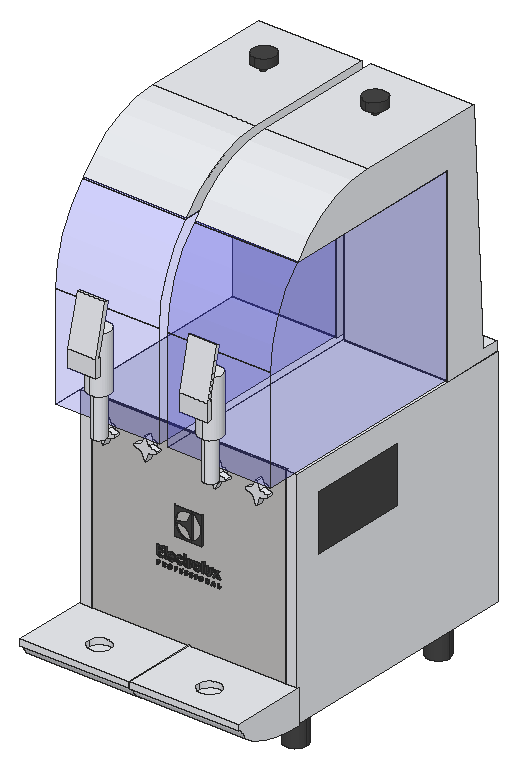
Revit family "QF_ELECTROLUXPROFESSIONAL_562536_IPRO2EUVR290", category Attrezzature speciali, Revit 2020
Family settings
  Quota connettore circolare = Usa diametro
  Tipo di parte = Normale
  Basato su piano di lavoro = No
  Sempre verticale = Sì
  Taglio con vuoti quando caricato = No
  Condiviso = No
  Punto di calcolo locali = No
Parameters (values of type "Standard")
  Weight = 60.00 kg
  Watts = 760 W
  Volts = 220 V
  URL Manufacturer = "https://www.electroluxprofessional.com/"
  URL = "https://www.electroluxprofessional.com/"
  Steam Supply Size = 0 mm
  Steam Supply Minimum Pressure = 0.0 Pa
  Steam Supply Maximum Pressure = 0.0 Pa
  Steam Consumption per Hour = 0
  Show Logo [instance] = yes
  Show Clearance [instance] = yes
  Refrigeration Suction Line Size = 0 mm
  Refrigeration Liquid Line Size = 0 mm
  Refrigerant Compressor Remote = yes
  Prospetto di default = 0 mm
  Produttore = "Electrolux Professional"
  Phase = 1
  Modello = "IPRO2EUVR290"
  Length Actual = 400 mm  # constant formula
  Item Number = "562536"
  Hot Water Size = 0 mm
  Height Actual = 870 mm  # constant formula
  HP = "1 HP"
  Gas Size = 0 mm
  Gas KW = 0
  Gas Input Pressure = 0 W
  Direct Waste Size = 0 mm
  Descrizione = "2X11 LT BOWL - FROZEN GRANITA DISPENSER - ELECTRONIC CONTROL - 2 INSULATED BOWLS - UV LIGHT, R290"
  Depth Actual = 580 mm  # constant formula
  Cycle = 50 Hz
  Condensate Return Size = 0 mm
  Compressed Air Volume = 0.0 L/s
  Compressed Air Size = 0 mm
  Compressed Air Pressure = 0.0 Pa
  Cold Water Size = 0 mm
  Accessory = yes
Reference planes
  plane 1: z = 0
  plane 2 "LEFT": x = -300
  plane 3 "BACK": y = 282.5
  plane 4 "FRONT": y = -301.5
  plane 5: z = 873
  plane 6 "RIGHT": x = 95
  plane 7: x = -102.5
  plane 8: y = -282.5
  plane 9: x = -202.5
  plane 10: x = -2.5
  plane 11: z = 445
  plane 12: z = 677.97
  plane 13: z = 110
  plane 14: z = 900
  plane 15: through (60, -104.25, 3830) normal (-0.7071, -0.7071, 0)
  plane 16: through (60, -84.25, 3830) normal (0.7071, -0.7071, 0)
Forms (mm)
  Extrusion 1, solid, material "QF_Finishes_White"
    sketch origin (0, 0, 0) x (1, 0, 0) y (0, 1, 0)
      loop
        line (-296.5, 282.5) -> (-296.5, -167.5) -> (-276.5, -167.5) -> (-276.5, -162.5) -> (71.5, -162.5) -> (71.5, -167.5) -> (91.5, -167.5) -> (91.5, 282.5) -> (-296.5, 282.5)
    from 50 to 453
  Extrusion 2, solid, material "QF_Finishes_Stainless Steel"
    sketch origin (0, 0, 0) x (1, 0, 0) y (0, 1, 0)
      loop
        line (71, -163) -> (-276, -163) -> (-276, -167.5) -> (71, -167.5) -> (71, -163)
    from 110 to 453
  Extrusion 3, solid, material "QF_Finishes_Stainless Steel"
    sketch origin (-367.596, -267.273, 48) x (0, -1, 0) y (1, 0, 0)
      loop
        line (-163.023, 407.596) -> (-163.023, 427.596) -> (-183.023, 427.596) -> (-183.023, 407.596) -> (-163.023, 407.596)
    from 0 to 2
Dimensions and locks
  plane 3 "BACK" to plane 4 "FRONT" = 584 mm  (x3)
  plane 5 to level = 873 mm  (x2)
  plane 2 "LEFT" to plane 6 "RIGHT" = 395 mm
  equal spacing: plane 2 "LEFT", plane 7, plane 6 "RIGHT"
  plane 3 "BACK" to plane 8 = 565 mm
  plane 10 to plane 9 = 200 mm
  plane 12 to plane 11 = 232.97 mm
  level to plane 14 = 900 mm
  plane 13 to level = 110 mm
  plane 11 to plane 13 = 335 mm
  plane 6 "RIGHT" to plane 2 "LEFT" = 395 mm
  aligned and locked: level to plane 1
Automatic sketch dimensions
  Extrusion 1 sketch curve to plane 3 "BACK" = 0 mm
  plane 2 "LEFT" to Extrusion 1 sketch curve = 3.5 mm
  Extrusion 1 sketch curve to Extrusion 1 sketch curve = 20 mm
  Extrusion 1 sketch curve to plane 6 "RIGHT" = 23.5 mm
  Extrusion 1 sketch curve to plane 6 "RIGHT" = 3.5 mm
  Extrusion 1 sketch curve to plane 8 = 120 mm
  Extrusion 1 sketch curve to Extrusion 1 sketch curve = 5 mm  (x2)
  plane 2 "LEFT" to Extrusion 2 sketch curve = 24 mm
  Extrusion 2 sketch curve to plane 6 "RIGHT" = 24 mm
  Extrusion 2 sketch curve to plane 8 = 115 mm
  Extrusion 2 sketch curve to Extrusion 2 sketch curve = 4.5 mm
  Extrusion 3 sketch curve to plane 15 = 0 mm
  plane 16 to Extrusion 3 sketch curve = 0 mm
  Extrusion 3 sketch curve to plane 16 = 0 mm
  plane 10 to Extrusion 3 sketch curve = 42.5 mm
Nested families
  nested 1: "BOCCHETTONE BEVERAGE" at (-202.5, -260.625, 445), type "BOCCHETTONE BEVERAGE"
  nested 2: "BOCCHETTONE BEVERAGE" at (-2.5, -260.625, 445), type "BOCCHETTONE BEVERAGE"
  nested 3: "MANOPOLA BEVERAGE" at (-240, -167.5, 413) x (0, 0, 1) z (0, -1, 0), type "MANOPOLA BEVERAGE"
  nested 4: "MANOPOLA BEVERAGE" at (-165, -167.5, 413) x (0, 0, 1) z (0, -1, 0), type "MANOPOLA BEVERAGE"
  nested 5: "MANOPOLA BEVERAGE" at (35, -167.5, 413) x (0, 0, 1) z (0, -1, 0), type "MANOPOLA BEVERAGE"
  nested 6: "MANOPOLA BEVERAGE" at (-40, -167.5, 413) x (0, 0, 1) z (0, -1, 0), type "MANOPOLA BEVERAGE"
  nested 7: "MANOPOLA APERTURA BEVERAGE " at (-202.5, 125, 873) x (0, 1, 0) z (0, 0, 1), type "MANOPOLA APERTURA BEVERAGE "
  nested 8: "MANOPOLA APERTURA BEVERAGE " at (-2.5, 125, 873) x (0, 1, 0) z (0, 0, 1), type "MANOPOLA APERTURA BEVERAGE "
  nested 9: "ELXP_LOGO_ONLY_MEDIUM" at (-102.5, -167.5, 303) x (1, 0, 0) z (0, -1, 0), Show Logo <- "Show Logo", type "ELXP_LOGO_ONLY_MEDIUM"
    with Show Logo yes
  nested 10: "ELX_LOGO_WORDS_MEDIUM" at (-102.5, -167.5, 238) x (1, 0, 0) z (0, -1, 0), visible <- "Show Logo", type "ELX_LOGO_WORDS_MEDIUM"
    with Show Logo yes
  nested 11: "VASCHETTA BEVERAGE" at (-201.25, -167.5, 80) x (1, 0, 0) z (0, -1, 0), type "VASCHETTA BEVERAGE"
  nested 12: "VASCHETTA BEVERAGE" at (-3.75, -167.5, 80) x (-1, 0, 0) z (0, -1, 0), type "VASCHETTA BEVERAGE"
  nested 13: "PORTAGRANITE BEVERAGE" at (-202.5, 28.972, 453), type "PORTAGRANITE BEVERAGE"
  nested 14: "PORTAGRANITE BEVERAGE" at (-2.5, 28.972, 453) x (-1, 0, 0) z (0, 0, 1), type "PORTAGRANITE BEVERAGE"
  nested 15: "Piedino 50x40 BEVERAGE" at (-268.5, 184.5, 0), type "Piedino 50x40 BEVERAGE"
    with H 150 mm
  nested 16: "Piedino 50x40 BEVERAGE" at (-268.5, -135.5, 0), type "Piedino 50x40 BEVERAGE"
    with H 150 mm
  nested 17: "Piedino 50x40 BEVERAGE" at (63.5, 184.5, 0) x (-1, 0, 0) z (0, 0, 1), type "Piedino 50x40 BEVERAGE"
    with H 150 mm
  nested 18: "Piedino 50x40 BEVERAGE" at (63.5, -135.5, 0) x (-1, 0, 0) z (0, 0, 1), type "Piedino 50x40 BEVERAGE"
    with H 150 mm
  nested 19: "SCHERMO BEVERAGE" at (91.5, -33, 355) x (0, -1, 0) z (1, 0, 0), type "SCHERMO BEVERAGE"
    with Show Logo yes
Connectors
  electrical at (50, -94.25, 48), driven by "Volts"
    settings: on Extrusion 3, index 72, voltage 220 V, apparent load 0 VA, apparent load phase1 0 VA, apparent load phase2 0 VA, apparent load phase3 0 VA, power factor 1, load classification "Altro", number of poles 1, system type 30, power factor state 1, is connector primary yes, connector utility no, sub classification motor no, connector description "Electrical Connection"
Definition of nested family "BOCCHETTONE BEVERAGE"
  Parameters (values of type "BOCCHETTONE BEVERAGE")
    Default Elevation = 1219.2 mm
  Reference planes
    plane 1 "Centro (Fronte/Retro)": y = 0
    plane 2: z = 0
    plane 3 "Centro (Sinistra/Destra)": x = 0
    plane 4: z = 233
    plane 5: y = -22
  Forms (mm)
    Extrusion 1, solid
      sketch origin (0, 0, 0) x (1, 0, 0) y (0, 1, 0)
        loop
          line (-1219.2, 1219.2) -> (-1219.2, -1219.2) -> (1219.2, -1219.2) -> (1219.2, 1219.2) -> (-1219.2, 1219.2)
      from 0 to -304.8
    Extrusion 2, solid
      sketch origin (0, 15.961, 0) x (0, -1, 0) y (1, 0, 0)
        loop
          circle (0, 0) r 12
      from 0 to 75
    Extrusion 3, solid
      sketch origin (0, 15.961, 75) x (0, -1, 0) y (1, 0, 0)
        loop
          circle (0, 0) r 20
      from 0 to 100
    Extrusion 4, void
      sketch origin (0, 0, 0) x (1, 0, 0) y (0, 1, 0)
        loop
          line (-27.179, -16.141) -> (-21.226, -10.188) -> (-6.226, -10.188) -> (-6.226, 12.684) -> (-27.179, 12.684) -> (-27.179, -16.141)
        loop
          line (27.179, -16.141) -> (27.179, 12.684) -> (6.226, 12.684) -> (6.226, -10.188) -> (21.226, -10.188) -> (27.179, -16.141)
      from 104.337 to 159.894
    Extrusion 5, solid
      sketch origin (25, 15.961, 29.221) x (0, -1, 0) y (0, 0, 1)
        loop
          line (11.922, 118.779) -> (11.922, 88.779) -> (37.961, 88.779) -> (37.961, 119.393) -> (16.929, 203.749) -> (12.077, 202.539) -> (32.961, 118.779) -> (11.922, 118.779)
      from 0 to 50
  Cuts and joins
    Extrusion 4 cuts Extrusion 5
    joined: Extrusion 3, Extrusion 5
  Dimensions and locks
    Extrusion 1 to plane 4 = 233 mm
    aligned and locked: plane 2 to Extrusion 1
    aligned and locked: level to Extrusion 1
Definition of nested family "MANOPOLA BEVERAGE"
  Parameters (values of type "MANOPOLA BEVERAGE")
    Default Elevation = 1219.2 mm
  Reference planes
    plane 1 "Centro (Fronte/Retro)": y = 0
    plane 2: z = 0
    plane 3 "Centro (Sinistra/Destra)": x = 0
    plane 4: z = 20
  Forms (mm)
    Extrusion 1, solid
      sketch origin (0, 0, 0) x (1, 0, 0) y (0, 1, 0)
        loop
          line (-1219.2, 1219.2) -> (-1219.2, -1219.2) -> (1219.2, -1219.2) -> (1219.2, 1219.2) -> (-1219.2, 1219.2)
      from 0 to -304.8
    Extrusion 2, solid
      sketch origin (0, 0, 10) x (1, 0, 0) y (0, 1, 0)
        loop
          line (-20, -1.333) -> (-6.314, -6.314) -> (-1.333, -20) -> (1.333, -20) -> (6.314, -6.314) -> (20, -1.333) -> (20, 1.333) -> (6.314, 6.314) -> (1.333, 20) -> (-1.333, 20) -> (-6.314, 6.314) -> (-20, 1.333) -> (-20, -1.333)
      from 0 to 10
    Extrusion 3, solid
      sketch origin (0, 0, 0) x (1, 0, 0) y (0, 1, 0)
        loop
          circle (0, 0) r 5
      from 0 to 10
  Dimensions and locks
    aligned and locked: plane 2 to Extrusion 1
    aligned and locked: level to Extrusion 1
Definition of nested family "MANOPOLA APERTURA BEVERAGE "
  Parameters (values of type "MANOPOLA APERTURA BEVERAGE ")
    Default Elevation = 1219.2 mm
  Reference planes
    plane 1 "Centro (Fronte/Retro)": y = 0
    plane 2: z = 0
    plane 3 "Centro (Sinistra/Destra)": x = 0
    plane 4: z = 27
  Forms (mm)
    Extrusion 1, solid
      sketch origin (0, 0, 0) x (1, 0, 0) y (0, 1, 0)
        loop
          line (-1219.2, 1219.2) -> (-1219.2, -1219.2) -> (1219.2, -1219.2) -> (1219.2, 1219.2) -> (-1219.2, 1219.2)
      from 0 to -304.8
    Extrusion 2, solid
      sketch origin (0, 0, 0) x (1, 0, 0) y (0, 1, 0)
        loop
          circle (0, 0) r 5
      from 0 to 12
    Extrusion 3, solid
      sketch origin (0, 0, 12) x (1, 0, 0) y (0, 1, 0)
        loop
          circle (0, 0) r 20
      from 0 to 15
  Dimensions and locks
    Extrusion 1 to plane 4 = 27 mm
    aligned and locked: plane 2 to Extrusion 1
    aligned and locked: level to Extrusion 1
Definition of nested family "ELXP_LOGO_ONLY_MEDIUM"
  Parameters (values of type "ELXP_LOGO_ONLY_MEDIUM")
    Show Logo [instance] = yes
    Default Elevation = 0 mm
  Reference planes
    plane 1 "Centro (Fronte/Retro)": y = 0
    plane 2: z = 0
    plane 3 "Centro (Sinistra/Destra)": x = 0
  Forms (mm)
    Extrusion 1, solid
      sketch origin (0, 0, 0) x (1, 0, 0) y (0, 1, 0)
        loop
          line (-1219.2, 1219.2) -> (-1219.2, -1219.2) -> (1219.2, -1219.2) -> (1219.2, 1219.2) -> (-1219.2, 1219.2)
      from 0 to -304.8
    Extrusion 2, solid, visible <- "Show Logo"
      sketch origin (15.862, -72.798, 0) x (1, 0, 0) y (0, 1, 0)
        loop
          line (-40.901, 47.952) -> (9.138, 47.952) -> (9.138, 97.923) -> (-40.901, 97.923) -> (-40.901, 47.952)
        loop
          line (-9.2, 95.47) -> (-9.2, 50.507)
          arc (-9.2, 50.507) -> (7.421, 72.988) -> (-9.2, 95.47) r 23.515
        loop
          line (-11.486, 92.214) -> (-11.486, 95.47)
          arc (-11.486, 95.47) -> (-30.185, 91.22) -> (-39.194, 74.292) r 23.044
          line (-39.194, 74.292) -> (-31.756, 74.292)
          arc (-31.756, 74.292) -> (-18.467, 79.686) -> (-11.486, 92.214) r 21.599
        loop
          arc (-39.194, 71.685) -> (-30.2, 54.618) -> (-11.486, 49.93) r 23.647
          line (-11.486, 49.93) -> (-11.486, 53.763)
          arc (-11.486, 53.763) -> (-18.467, 66.291) -> (-31.756, 71.685) r 21.599
          line (-31.756, 71.685) -> (-39.194, 71.685)
      from 0 to 1.644
  Dimensions and locks
    aligned and locked: plane 2 to Extrusion 1
    aligned and locked: level to Extrusion 1
Definition of nested family "ELX_LOGO_WORDS_MEDIUM"
  Parameters (values of type "ELX_LOGO_WORDS_MEDIUM")
    Show Logo [instance] = yes
    Default Elevation = 0 mm
  Reference planes
    plane 1 "Centro (Fronte/Retro)": y = 0
    plane 2: z = 0
    plane 3 "Centro (Sinistra/Destra)": x = 0
  Forms (mm)
    Extrusion 1, solid
      sketch origin (0, 0, 0) x (1, 0, 0) y (0, 1, 0)
        loop
          line (-1219.2, 1219.2) -> (-1219.2, -1219.2) -> (1219.2, -1219.2) -> (1219.2, 1219.2) -> (-1219.2, 1219.2)
      from 0 to -304.8
    Extrusion 2, solid, visible <- "Show Logo"
      sketch origin (0, 0, 0) x (1, 0, 0) y (0, 1, 0)
        loop
          line (-45.351, 15.842) -> (-56.505, 15.842) -> (-56.505, 2.853)
          arc (-56.505, 2.853) -> (-55.037, -0.691) -> (-51.493, -2.159) r 5.012
          line (-51.493, -2.159) -> (-45.135, -2.159) -> (-45.135, 0.755) -> (-50.767, 0.755)
          arc (-50.767, 0.755) -> (-52.618, 1.38) -> (-53.406, 3.168) r 2.423
          line (-53.406, 3.168) -> (-53.406, 5.743) -> (-45.833, 5.743) -> (-45.833, 8.668) -> (-53.406, 8.668) -> (-53.406, 12.925) -> (-45.351, 12.925) -> (-45.351, 15.842)
        loop
          line (-42.933, 15.842) -> (-42.933, -2.159) -> (-39.832, -2.159) -> (-39.832, 15.842) -> (-42.933, 15.842)
        loop
          line (24.405, 15.842) -> (24.405, -2.159) -> (27.508, -2.159) -> (27.508, 15.842) -> (24.405, 15.842)
        loop
          line (-34.705, 3.589) -> (-24.531, 3.589)
          arc (-24.531, 3.589) -> (-26.123, 9.178) -> (-31.565, 11.217) r 6.447
          arc (-31.565, 11.217) -> (-36.358, 8.786) -> (-37.726, 3.589) r 6.56
          arc (-37.726, 3.589) -> (-35.926, -0.757) -> (-31.58, -2.557) r 6.146
          arc (-31.58, -2.557) -> (-28.198, -2.058) -> (-25.362, -0.149) r 7.726
          line (-25.362, -0.149) -> (-27.199, 1.688)
          arc (-27.199, 1.688) -> (-29.61, 0.242) -> (-32.411, 0.485) r 4.558
          arc (-32.411, 0.485) -> (-34.119, 1.622) -> (-34.705, 3.589) r 3.019
        loop
          line (-34.628, 5.769) -> (-27.646, 5.769)
          arc (-27.646, 5.769) -> (-28.626, 7.83) -> (-30.779, 8.59) r 2.974
          arc (-30.779, 8.59) -> (-33.263, 7.943) -> (-34.628, 5.769) r 3.481
        loop
          line (-12.445, 7.067) -> (-10.499, 9.013)
          arc (-10.499, 9.013) -> (-12.94, 10.78) -> (-15.907, 11.309) r 6.746
          arc (-15.907, 11.309) -> (-20.432, 9.655) -> (-22.806, 5.463) r 6.977
          arc (-22.806, 5.463) -> (-18.803, -1.885) -> (-10.608, -0.191) r 7.026
          line (-10.608, -0.191) -> (-12.544, 1.745)
          arc (-12.544, 1.745) -> (-16.723, 0.362) -> (-19.717, 3.589) r 4.071
          arc (-19.717, 3.589) -> (-19.509, 6.14) -> (-17.752, 8.002) r 3.867
          arc (-17.752, 8.002) -> (-14.941, 8.431) -> (-12.445, 7.067) r 4.442
        loop
          line (-8.594, 15.842) -> (-8.594, 3.541)
          arc (-8.594, 3.541) -> (-8.326, 1.695) -> (-7.635, -0.038) r 7.951
          arc (-7.635, -0.038) -> (-5.422, -1.797) -> (-2.62, -2.167) r 5.297
          line (-2.62, -2.167) -> (-2.62, 0.738)
          arc (-2.62, 0.738) -> (-3.453, 0.802) -> (-4.23, 1.109) r 2.792
          arc (-4.23, 1.109) -> (-5.227, 2.163) -> (-5.494, 3.589) r 2.57
          line (-5.494, 3.589) -> (-5.494, 8.043) -> (-2.678, 8.043) -> (-2.678, 10.86) -> (-5.494, 10.86) -> (-5.494, 15.842) -> (-8.594, 15.842)
        loop
          arc (3.006, 4.684) -> (3.228, 5.982) -> (3.868, 7.133) r 3.911
          arc (3.868, 7.133) -> (5.725, 8.086) -> (7.812, 8.043) r 4.26
          line (7.812, 8.043) -> (7.812, 11.023)
          arc (7.812, 11.023) -> (5.085, 10.766) -> (3.006, 8.983) r 4.524
          line (3.006, 8.983) -> (3.006, 10.86) -> (-0.069, 10.86) -> (-0.069, -2.159) -> (3.006, -2.159) -> (3.006, 4.684)
        loop
          circle (15.393, 4.348) r 6.899
        loop
          circle (15.393, 4.348) r 4.181
        loop
          arc (38.69, 3.262) -> (37.924, 1.158) -> (35.848, 0.319) r 2.752
          arc (35.848, 0.319) -> (33.771, 1.158) -> (33.005, 3.262) r 2.752
          line (33.005, 3.262) -> (33.005, 10.859) -> (29.879, 10.859) -> (29.879, 3.004)
          arc (29.879, 3.004) -> (31.658, -1.052) -> (35.848, -2.489) r 5.512
          arc (35.848, -2.489) -> (40.084, -1.008) -> (41.815, 3.132) r 5.512
          line (41.815, 3.132) -> (41.815, 10.859) -> (38.69, 10.859) -> (38.69, 3.262)
        loop
          line (43.689, 10.859) -> (48.192, 4.746) -> (43.245, -2.164) -> (46.578, -2.164) -> (49.861, 2.422) -> (53.193, -2.164) -> (56.505, -2.164) -> (51.629, 4.817) -> (56.087, 10.859) -> (52.703, 10.859) -> (49.851, 6.995) -> (47.043, 10.859) -> (43.689, 10.859)
        loop
          line (-53.813, -9.621) -> (-56.285, -9.621) -> (-56.285, -15.847) -> (-54.932, -15.847) -> (-54.932, -13.703) -> (-53.437, -13.703)
          arc (-53.437, -13.703) -> (-51.764, -11.49) -> (-53.813, -9.621) r 2.058
        loop
          arc (-53.496, -12.48) -> (-52.984, -11.679) -> (-53.496, -10.879) r 0.881
          line (-53.496, -10.879) -> (-54.932, -10.879) -> (-54.932, -12.48) -> (-53.496, -12.48)
        loop
          line (-44.045, -9.621) -> (-46.56, -9.621) -> (-46.56, -15.847) -> (-45.207, -15.847) -> (-45.207, -13.703) -> (-43.898, -13.703) -> (-43.003, -15.847) -> (-41.55, -15.847) -> (-42.774, -13.222)
          arc (-42.774, -13.222) -> (-42.188, -12.521) -> (-41.991, -11.628) r 1.922
          arc (-41.991, -11.628) -> (-42.609, -10.206) -> (-44.045, -9.621) r 2.055
        loop
          line (-45.207, -10.879) -> (-45.207, -12.48) -> (-43.771, -12.48)
          arc (-43.771, -12.48) -> (-43.258, -11.679) -> (-43.771, -10.879) r 0.881
          line (-43.771, -10.879) -> (-45.207, -10.879)
        loop
          circle (-33.602, -12.734) r 3.233
        loop
          circle (-33.602, -12.734) r 2.052
        loop
          line (-25.054, -9.622) -> (-25.054, -15.847) -> (-23.734, -15.847) -> (-23.734, -13.671) -> (-21.392, -13.671) -> (-21.392, -12.276) -> (-23.734, -12.276) -> (-23.734, -10.963) -> (-21.167, -10.963) -> (-21.167, -9.622) -> (-25.054, -9.622)
        loop
          line (-15.917, -9.622) -> (-15.917, -13.825)
          arc (-15.917, -13.825) -> (-15.343, -15.249) -> (-13.926, -15.842) r 1.991
          line (-13.926, -15.842) -> (-11.917, -15.842) -> (-11.917, -14.666) -> (-13.806, -14.666)
          arc (-13.806, -14.666) -> (-14.501, -14.091) -> (-14.638, -13.198) r 1.267
          line (-14.638, -13.198) -> (-12.15, -13.198) -> (-12.15, -12.023) -> (-14.638, -12.023) -> (-14.638, -10.797) -> (-11.977, -10.797) -> (-11.977, -9.622) -> (-15.917, -9.622)
        loop
          arc (6.626, -10.41) -> (5.801, -9.733) -> (4.757, -9.518) r 2.228
          arc (4.757, -9.518) -> (3.792, -9.755) -> (2.999, -10.352) r 2.468
          arc (2.999, -10.352) -> (2.853, -11.766) -> (3.765, -12.856) r 1.825
          arc (3.765, -12.856) -> (4.531, -13.112) -> (5.259, -13.464) r 6.301
          arc (5.259, -13.464) -> (5.719, -14.005) -> (5.402, -14.641) r 0.645
          arc (5.402, -14.641) -> (4.814, -14.78) -> (4.228, -14.631) r 1.269
          arc (4.228, -14.631) -> (3.722, -14.266) -> (3.412, -13.725) r 1.474
          line (3.412, -13.725) -> (2.324, -14.233)
          arc (2.324, -14.233) -> (2.716, -14.99) -> (3.348, -15.561) r 2.393
          arc (3.348, -15.561) -> (4.065, -15.867) -> (4.841, -15.945) r 2.579
          arc (4.841, -15.945) -> (5.8, -15.754) -> (6.664, -15.295) r 3.369
          arc (6.664, -15.295) -> (7.045, -14.28) -> (6.848, -13.214) r 2.023
          arc (6.848, -13.214) -> (6.423, -12.723) -> (5.879, -12.368) r 2.346
          arc (5.879, -12.368) -> (5.19, -12.061) -> (4.485, -11.796) r 12.353
          arc (4.485, -11.796) -> (4.077, -11.162) -> (4.666, -10.692) r 0.562
          arc (4.666, -10.692) -> (5.372, -10.862) -> (5.915, -11.344) r 1.497
          line (5.915, -11.344) -> (6.626, -10.41)
        loop
          line (12.337, -9.622) -> (12.337, -15.842) -> (13.616, -15.842) -> (13.616, -9.622) -> (12.337, -9.622)
        loop
          circle (22.24, -12.732) r 1.935
        loop
          circle (22.24, -12.732) r 3.231
        loop
          line (30.821, -15.842) -> (32.114, -15.842) -> (32.114, -11.931) -> (34.96, -15.842) -> (36.203, -15.842) -> (36.203, -9.622) -> (34.911, -9.622) -> (34.911, -13.651) -> (32.065, -9.622) -> (30.821, -9.622) -> (30.821, -15.842)
        loop
          line (42.652, -15.842) -> (43.258, -14.5) -> (45.559, -14.5) -> (46.165, -15.842) -> (47.54, -15.842) -> (44.912, -9.622) -> (43.712, -9.622) -> (41.279, -15.842) -> (42.652, -15.842)
        loop
          line (44.985, -13.224) -> (44.369, -11.857) -> (43.77, -13.224) -> (44.985, -13.224)
        loop
          line (53.893, -14.666) -> (53.893, -9.622) -> (52.614, -9.622) -> (52.614, -15.842) -> (56.285, -15.842) -> (56.285, -14.666) -> (53.893, -14.666)
        loop
          arc (-2.701, -10.41) -> (-3.525, -9.733) -> (-4.57, -9.518) r 2.228
          arc (-4.57, -9.518) -> (-5.534, -9.755) -> (-6.327, -10.352) r 2.468
          arc (-6.327, -10.352) -> (-6.473, -11.766) -> (-5.562, -12.856) r 1.825
          arc (-5.562, -12.856) -> (-4.795, -13.112) -> (-4.067, -13.464) r 6.301
          arc (-4.067, -13.464) -> (-3.608, -14.005) -> (-3.924, -14.641) r 0.645
          arc (-3.924, -14.641) -> (-4.512, -14.78) -> (-5.098, -14.631) r 1.269
          arc (-5.098, -14.631) -> (-5.604, -14.266) -> (-5.914, -13.725) r 1.474
          line (-5.914, -13.725) -> (-7.002, -14.233)
          arc (-7.002, -14.233) -> (-6.61, -14.99) -> (-5.978, -15.561) r 2.393
          arc (-5.978, -15.561) -> (-5.261, -15.867) -> (-4.485, -15.945) r 2.579
          arc (-4.485, -15.945) -> (-3.526, -15.754) -> (-2.663, -15.295) r 3.369
          arc (-2.663, -15.295) -> (-2.281, -14.28) -> (-2.478, -13.214) r 2.023
          arc (-2.478, -13.214) -> (-2.903, -12.723) -> (-3.448, -12.368) r 2.346
          arc (-3.448, -12.368) -> (-4.136, -12.061) -> (-4.842, -11.796) r 12.353
          arc (-4.842, -11.796) -> (-5.249, -11.162) -> (-4.66, -10.692) r 0.562
          arc (-4.66, -10.692) -> (-3.954, -10.862) -> (-3.412, -11.344) r 1.497
          line (-3.412, -11.344) -> (-2.701, -10.41)
      from 0 to 1.644
  Dimensions and locks
    aligned and locked: plane 2 to Extrusion 1
    aligned and locked: level to Extrusion 1
Definition of nested family "VASCHETTA BEVERAGE"
  Parameters (values of type "VASCHETTA BEVERAGE")
    Default Elevation = 1219.2 mm
  Reference planes
    plane 1 "Centro (Fronte/Retro)": y = 0
    plane 2: z = 0
    plane 3 "Centro (Sinistra/Destra)": x = 0
  Forms (mm)
    Extrusion 1, solid
      sketch origin (0, 0, 0) x (1, 0, 0) y (0, 1, 0)
        loop
          line (-1219.2, 1219.2) -> (-1219.2, -1219.2) -> (1219.2, -1219.2) -> (1219.2, 1219.2) -> (-1219.2, 1219.2)
      from 0 to -304.8
    Extrusion 2, solid
      sketch origin (-97.5, -80, -167.5) x (0, 0, -1) y (0, 1, 0)
        loop
          line (-167.5, 110) -> (-301.5, 110) -> (-301.5, 100) -> (-296.403, 100)
          spline (-296.403, 100) -> (-294.717, 93.399) -> (-290.961, 86.937) -> (-285.195, 80.722) -> (-277.513, 74.853) -> (-268.041, 69.426) -> (-256.932, 64.529) -> (-244.367, 60.243) -> (-230.551, 56.637) -> (-215.709, 53.769) -> (-200.082, 51.686) -> (-183.925, 50.423) -> (-167.5, 50)
          line (-167.5, 50) -> (-167.5, 110)
      from 0 to 195
    Extrusion 3, void
      sketch origin (202.5, -80, -167.5) x (1, 0, 0) y (0, 0, -1)
        loop
          circle (-202.5, -244.664) r 20
      from 100 to 110
  Cuts and joins
    Extrusion 3 cuts Extrusion 2
  Dimensions and locks
    aligned and locked: plane 2 to Extrusion 1
    aligned and locked: level to Extrusion 1
Definition of nested family "PORTAGRANITE BEVERAGE"
  Parameters (values of type "PORTAGRANITE BEVERAGE")
    Default Elevation = 1219.2 mm
  Reference planes
    plane 1 "Centro (Fronte/Retro)": y = 0
    plane 2: z = 0
    plane 3 "Centro (Sinistra/Destra)": x = 0
    plane 4: z = 233
    plane 5: y = -36.472
    plane 6: z = 338
  Forms (mm)
    Extrusion 1, solid
      sketch origin (0, 0, 0) x (1, 0, 0) y (0, 1, 0)
        loop
          line (-1219.2, 1219.2) -> (-1219.2, -1219.2) -> (1219.2, -1219.2) -> (1219.2, 1219.2) -> (-1219.2, 1219.2)
      from 0 to -304.8
    Extrusion 2, solid
      sketch origin (-92.5, -28.972, -376) x (0, 1, 0) y (0, 0, 1)
        loop
          line (172.5, 716) -> (172.5, 376) -> (282.5, 376) -> (282.5, 393) -> (251.241, 393) -> (230.12, 796) -> (-7.5, 796)
          arc (-7.5, 796) -> (-94.678, 774.819) -> (-162.419, 716) r 190
          line (-162.419, 716) -> (172.5, 716)
      from 0 to 185
    Extrusion 3, solid
      sketch origin (-100, -28.972, -376) x (0, 1, 0) y (0, 0, 1)
        loop
          line (170.5, 378) -> (170.5, 714) -> (-164.355, 714)
          arc (-164.355, 714) -> (-209.023, 644.734) -> (-224.664, 563.812) r 217.164
          line (-224.664, 563.812) -> (-224.664, 378) -> (170.5, 378)
      from 7.5 to 192.5
  Dimensions and locks
    Extrusion 1 to plane 4 = 233 mm
    aligned and locked: plane 2 to Extrusion 1
    aligned and locked: level to Extrusion 1
Definition of nested family "Piedino 50x40 BEVERAGE"
  Parameters (values of type "Piedino 50x40 BEVERAGE")
    Default Elevation = 0 mm
    H [instance] = 150 mm
  Reference planes
    plane 1 "Centro (Fronte/Retro)": y = 0
    plane 2: z = 0
    plane 3 "Centro (Sinistra/Destra)": x = 0
  Forms (mm)
    Revolve 1, solid
      sketch origin (55, 0, 0) x (-1, 0, 0) y (0, 0, -1)
        loop
          line (55, 0) -> (35, 0) -> (35, -50) -> (55, -50) -> (55, 0)
        axis (55, 0) -> (55, -50)
      angle from 0 to 360
  Dimensions and locks
    aligned and locked: level to plane 2
Definition of nested family "SCHERMO BEVERAGE"
  Parameters (values of type "SCHERMO BEVERAGE")
    Show Logo [instance] = yes
    Default Elevation = 1219.2 mm
  Reference planes
    plane 1 "Centro (Fronte/Retro)": y = 0
    plane 2: z = 0
    plane 3 "Centro (Sinistra/Destra)": x = 0
  Forms (mm)
    Extrusion 1, solid
      sketch origin (0, 0, 0) x (1, 0, 0) y (0, 1, 0)
        loop
          line (-1219.2, 1219.2) -> (-1219.2, -1219.2) -> (1219.2, -1219.2) -> (1219.2, 1219.2) -> (-1219.2, 1219.2)
      from 0 to -304.8
    Extrusion 2, solid
      sketch origin (118.389, -572.596, 0) x (-1, 0, 0) y (0, -1, 0)
        loop
          line (205.889, -622.596) -> (205.889, -522.596) -> (30.889, -522.596) -> (30.889, -622.596) -> (205.889, -622.596)
      from 0 to 1
  Dimensions and locks
    aligned and locked: plane 2 to Extrusion 1
    aligned and locked: level to Extrusion 1
